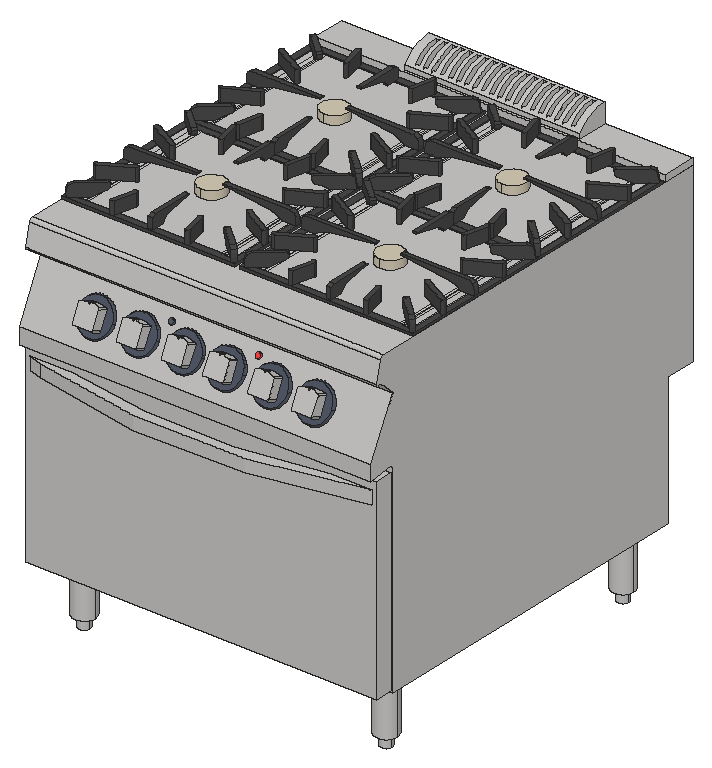
Revit family "QF_ZANUSSI_392010_Z9GCGH4SE0", category Specialty Equipment, Revit 2018 (continued)
Automatic sketch dimensions
  Extrusion 29 sketch curve to plane 17 = 2.972 mm
  plane 9 to Extrusion 29 sketch curve = 6.461 mm
  plane 18 to Extrusion 29 sketch curve = 36.025 mm
  plane 9 to Extrusion 29 sketch curve = 5 mm
  plane 7 "Center Y" to Blend 31 sketch curve = 47.5 mm  (x2)
  plane 7 "Center Y" to Extrusion 32 sketch curve = 24.5 mm
  Extrusion 32 sketch curve to Extrusion 32 sketch curve = 2.997 mm  (x3)
  Extrusion 32 sketch curve to Extrusion 32 sketch curve = 20.003 mm  (x2)
  Extrusion 32 sketch curve to Extrusion 32 sketch curve = 40.005 mm
  Extrusion 32 sketch curve to Extrusion 32 sketch curve = 5.399 mm
  Extrusion 32 sketch curve to Extrusion 32 sketch curve = 40.037 mm
  Extrusion 32 sketch curve to Extrusion 32 sketch curve = 0 mm  (x2)
  Extrusion 33 sketch curve to plane 18 = 5.671 mm
  Extrusion 33 sketch curve to plane 12 = 113.016 mm
  Extrusion 33 sketch curve to Extrusion 33 sketch curve = 3 mm
  Extrusion 33 sketch curve to Extrusion 33 sketch curve = 0 mm
  Extrusion 33 sketch curve to Extrusion 33 sketch curve = 1 mm  (x2)
  Extrusion 33 sketch curve to Extrusion 33 sketch curve = 15 mm
  Extrusion 34 sketch curve to plane 7 "Center Y" = 30 mm
  Extrusion 34 sketch curve to Extrusion 34 sketch curve = 35 mm  (x2)
  Extrusion 35 sketch curve to plane 7 "Center Y" = 24.5 mm
  Extrusion 35 sketch curve to Extrusion 35 sketch curve = 2.997 mm  (x3)
  Extrusion 35 sketch curve to Extrusion 35 sketch curve = 20.003 mm  (x2)
  Extrusion 35 sketch curve to Extrusion 35 sketch curve = 40.005 mm
  Extrusion 35 sketch curve to Extrusion 35 sketch curve = 0 mm  (x2)
  Extrusion 35 sketch curve to Extrusion 35 sketch curve = 40.037 mm
  Extrusion 35 sketch curve to Extrusion 35 sketch curve = 5.399 mm
  Blend 36 sketch curve to plane 7 "Center Y" = 47.5 mm  (x2)
  Split face 47 sketch curve to Split face 47 sketch curve = 6 mm
  Split face 47 sketch curve to Split face 47 sketch curve = 2 mm
  Extrusion 37 sketch curve to plane 18 = 5.671 mm
  Extrusion 37 sketch curve to plane 12 = 113.016 mm
  Extrusion 37 sketch curve to Extrusion 37 sketch curve = 3 mm
  Extrusion 37 sketch curve to Extrusion 37 sketch curve = 0 mm
  Extrusion 37 sketch curve to Extrusion 37 sketch curve = 1 mm  (x2)
  Extrusion 37 sketch curve to Extrusion 37 sketch curve = 15 mm
  plane 7 "Center Y" to Extrusion 38 sketch curve = 65 mm
  plane 7 "Center Y" to Extrusion 38 sketch curve = 30 mm
  Extrusion 38 sketch curve to Extrusion 38 sketch curve = 35 mm
  Split face 48 sketch curve to Split face 48 sketch curve = 6 mm
  Split face 48 sketch curve to Split face 48 sketch curve = 2 mm
  Split face 49 sketch curve to Split face 49 sketch curve = 6 mm
  Split face 49 sketch curve to Split face 49 sketch curve = 2 mm
  Extrusion 39 sketch curve to plane 19 = 47.05 mm
  Extrusion 40 sketch curve to plane 7 "Center Y" = 92.55 mm
  Extrusion 3 sketch curve to plane 1 "BACK" = 0 mm
  Extrusion 3 sketch curve to plane 6 "TOP" = 0 mm
  plane 1 "BACK" to Extrusion 3 sketch curve = 1.769 mm
  plane 11 to Extrusion 3 sketch curve = 11.113 mm
  Extrusion 3 sketch curve to plane 6 "TOP" = 34.187 mm
  Extrusion 3 sketch curve to Extrusion 3 sketch curve = 9.525 mm
  plane 5 "FRONT" to Extrusion 4 sketch curve = 0 mm  (x2)
  plane 1 "BACK" to Extrusion 4 sketch curve = 0 mm
  Extrusion 4 sketch curve to plane 3 "LEFT" = 0 mm
  Extrusion 4 sketch curve to plane 4 "RIGHT" = 0 mm
  Extrusion 4 sketch curve to plane 3 "LEFT" = 100.013 mm
  Extrusion 4 sketch curve to Extrusion 4 sketch curve = 100.013 mm
  Extrusion 4 sketch curve to plane 1 "BACK" = 100.013 mm
  Extrusion 30 sketch curve to Extrusion 30 sketch curve = 0 mm  (x6)
  Extrusion 30 sketch curve to plane 18 = 0 mm  (x2)
  plane 4 "RIGHT" to Extrusion 30 sketch curve = 10.1 mm
  Extrusion 30 sketch curve to plane 14 = 47.705 mm
  Extrusion 30 sketch curve to plane 7 "Center Y" = 0.05 mm
  Extrusion 30 sketch curve to plane 1 "BACK" = 337.5 mm
  Extrusion 30 sketch curve to plane 5 "FRONT" = 4.65 mm
  curve 181 to curve 182 = 0 mm
  curve 181 to curve 183 = 0 mm  (x2)
  curve 181 to curve 184 = 0 mm  (x2)
  curve 182 to curve 183 = 0 mm
  plane 5 "FRONT" to curve 1 = 0 mm
  curve 10 to plane 3 "LEFT" = 0 mm
  plane 1 "BACK" to curve 93 = 0 mm
  curve 157 to plane 4 "RIGHT" = 0 mm
  curve 8 to plane 17 = 0 mm
  plane 5 "FRONT" to curve 8 = 0 mm
  plane 5 "FRONT" to curve 6 = 0 mm
  curve 2 to plane 3 "LEFT" = 100.013 mm
  curve 94 to plane 13 = 71 mm
  curve 95 to curve 95 = 0.809 mm
  curve 98 to curve 98 = 1.583 mm
  curve 95 to curve 96 = 1.846 mm
  curve 95 to curve 109 = 2.189 mm
  curve 94 to curve 97 = 11.892 mm
  curve 98 to curve 101 = 20.417 mm
  curve 109 to curve 99 = 19.134 mm
  curve 99 to curve 108 = 1.738 mm
  curve 100 to curve 102 = 2 mm
  curve 97 to curve 106 = 22.215 mm
  curve 101 to curve 109 = 19.003 mm
  curve 105 to curve 105 = 0.343 mm
  curve 105 to curve 107 = 1.071 mm
  curve 105 to curve 104 = 2.189 mm
  curve 104 to curve 103 = 0.809 mm
  plane 11 to curve 93 = 11.113 mm
  curve 93 to plane 13 = 144 mm
  curve 11 to curve 15 = 20.698 mm
  curve 103 to curve 110 = 54 mm
  curve 111 to curve 111 = 0.809 mm
  curve 114 to curve 114 = 1.583 mm
  curve 182 to curve 112 = 2.654 mm
  curve 12 to curve 13 = 9.296 mm
  curve 111 to curve 125 = 2.189 mm
  curve 110 to curve 113 = 11.892 mm
  curve 13 to curve 16 = 9.397 mm
  curve 16 to curve 17 = 9.296 mm
  curve 114 to curve 117 = 20.417 mm
  curve 125 to curve 115 = 19.134 mm
  curve 115 to curve 124 = 1.738 mm
  curve 116 to curve 117 = 2 mm
  curve 17 to curve 20 = 9.397 mm
  curve 113 to curve 122 = 22.215 mm
  curve 20 to curve 21 = 9.296 mm
  curve 117 to curve 125 = 19.003 mm
  curve 121 to curve 121 = 0.343 mm
  curve 121 to curve 123 = 1.071 mm
  curve 121 to curve 120 = 2.189 mm
  curve 120 to curve 119 = 0.809 mm
  curve 22 to curve 27 = 9.397 mm
  curve 24 to curve 26 = 9.296 mm
  curve 25 to curve 28 = 9.397 mm
  curve 28 to curve 30 = 9.296 mm
  curve 30 to curve 32 = 9.397 mm
  curve 32 to curve 34 = 9.296 mm
  curve 119 to curve 185 = 56.55 mm
  curve 186 to curve 186 = 0.809 mm
  curve 189 to curve 189 = 1.583 mm
  curve 186 to curve 187 = 1.846 mm
  curve 186 to curve 200 = 2.189 mm
  curve 34 to curve 36 = 9.397 mm
  curve 185 to curve 188 = 11.892 mm
  curve 36 to curve 37 = 9.296 mm
  curve 189 to curve 192 = 20.417 mm
  curve 190 to plane 7 "Center Y" = 48.369 mm
  curve 190 to curve 199 = 1.738 mm
  curve 191 to curve 192 = 2 mm
  curve 38 to curve 40 = 9.397 mm
  curve 188 to curve 197 = 22.215 mm
  curve 40 to curve 43 = 9.296 mm
  curve 192 to curve 200 = 19.003 mm
  curve 200 to curve 196 = 0.343 mm
  curve 196 to curve 198 = 1.071 mm
  curve 200 to curve 195 = 2.189 mm
  curve 41 to curve 44 = 9.397 mm
  curve 195 to curve 194 = 0.809 mm
  curve 44 to curve 46 = 9.296 mm
  curve 45 to curve 48 = 9.397 mm
  curve 51 to plane 7 "Center Y" = 1.823 mm
  curve 183 to plane 7 "Center Y" = 0.05 mm
  plane 7 "Center Y" to curve 52 = 7.574 mm
  curve 52 to curve 54 = 8.858 mm
  plane 7 "Center Y" to curve 126 = 24.5 mm
  curve 126 to curve 127 = 0.809 mm
  curve 54 to curve 56 = 9.397 mm
  curve 130 to curve 130 = 1.583 mm
  curve 127 to curve 128 = 1.846 mm
  curve 127 to curve 141 = 2.189 mm
  curve 56 to curve 59 = 9.296 mm
  plane 7 "Center Y" to curve 129 = 36.392 mm
  curve 57 to curve 61 = 9.397 mm
  curve 130 to curve 132 = 20.417 mm
  plane 7 "Center Y" to curve 131 = 46.631 mm
  curve 131 to curve 140 = 1.738 mm
  curve 132 to curve 134 = 2 mm
  curve 60 to curve 61 = 9.296 mm
  curve 129 to curve 138 = 22.215 mm
  curve 62 to curve 67 = 9.397 mm
  curve 133 to curve 141 = 19.003 mm
  curve 141 to curve 137 = 0.343 mm
  curve 137 to curve 139 = 1.071 mm
  curve 141 to curve 136 = 2.189 mm
  curve 136 to curve 135 = 0.809 mm
  curve 64 to curve 66 = 9.296 mm
  curve 66 to curve 71 = 9.397 mm
  curve 68 to curve 71 = 9.296 mm
  curve 70 to curve 75 = 9.397 mm
  curve 72 to curve 73 = 9.296 mm
  curve 73 to curve 76 = 9.397 mm
  curve 158 to plane 19 = 25 mm
  curve 158 to curve 159 = 0.809 mm
  curve 76 to curve 77 = 9.296 mm
  curve 162 to curve 162 = 1.583 mm
  curve 159 to curve 160 = 1.846 mm
  curve 159 to curve 173 = 2.189 mm
  curve 78 to curve 83 = 9.397 mm
  curve 161 to plane 19 = 13.108 mm
  curve 82 to plane 19 = 4.77 mm
  curve 165 to plane 19 = 3 mm
  curve 163 to plane 19 = 2.869 mm
  curve 172 to plane 19 = 1.131 mm
  curve 166 to plane 19 = 1 mm
  plane 19 to curve 84 = 4.627 mm
  plane 19 to curve 170 = 9.108 mm
  curve 84 to curve 87 = 9.296 mm
  plane 19 to curve 173 = 18.003 mm
  curve 169 to curve 169 = 0.343 mm
  curve 169 to curve 171 = 1.071 mm
  curve 169 to curve 168 = 2.189 mm
  curve 168 to curve 167 = 0.809 mm
  curve 86 to curve 88 = 9.397 mm
  curve 88 to curve 90 = 9.296 mm
  curve 90 to curve 92 = 15.284 mm
  curve 167 to curve 142 = 53.897 mm
  curve 143 to curve 143 = 0.809 mm
  curve 146 to curve 146 = 1.583 mm
  curve 143 to curve 144 = 1.846 mm
  curve 143 to curve 156 = 2.189 mm
  curve 142 to curve 145 = 11.892 mm
  curve 146 to curve 149 = 20.417 mm
  curve 156 to curve 147 = 19.134 mm
  curve 147 to curve 155 = 1.738 mm
  curve 148 to curve 150 = 2 mm
  curve 149 to curve 156 = 19.003 mm
  curve 153 to curve 153 = 0.343 mm
  curve 153 to curve 154 = 1.071 mm
  curve 153 to curve 152 = 2.189 mm
  curve 152 to curve 151 = 0.809 mm
  curve 2 to plane 4 "RIGHT" = 100.013 mm
  plane 17 to curve 155 = 293.481 mm
  plane 17 to curve 190 = 293.481 mm
  curve 124 to curve 190 = 0 mm
  curve 99 to curve 108 = 0 mm
  curve 163 to curve 155 = 0 mm
  curve 140 to curve 163 = 0 mm
  curve 190 to curve 199 = 0 mm
  curve 163 to curve 172 = 0 mm
  curve 147 to curve 155 = 0 mm
  curve 115 to curve 124 = 0 mm
  curve 131 to curve 140 = 0 mm
  curve 172 to curve 173 = 86.839 mm
  curve 108 to curve 109 = 86.839 mm
  curve 155 to curve 156 = 86.839 mm
  curve 190 to curve 200 = 86.839 mm
  curve 105 to curve 125 = 0 mm
  curve 141 to curve 160 = 0 mm
  curve 105 to curve 104 = 1.333 mm
  curve 141 to curve 135 = 1.333 mm
  curve 144 to curve 143 = 1.333 mm
  curve 160 to curve 159 = 1.333 mm
  curve 169 to curve 167 = 1.333 mm
  curve 200 to curve 195 = 1.333 mm
  curve 141 to curve 127 = 1.333 mm
  curve 96 to curve 94 = 1.333 mm
  curve 125 to curve 110 = 1.333 mm
  curve 153 to curve 151 = 1.333 mm
  curve 121 to curve 119 = 1.333 mm
  curve 200 to curve 186 = 1.333 mm
  curve 143 to curve 144 = 2.779 mm
  curve 95 to curve 96 = 2.779 mm
  curve 120 to curve 121 = 2.779 mm
  curve 168 to curve 169 = 2.779 mm
  curve 111 to curve 112 = 2.779 mm
  curve 195 to curve 196 = 2.779 mm
  curve 136 to curve 137 = 2.779 mm
  curve 127 to curve 128 = 2.779 mm
  curve 104 to curve 105 = 2.779 mm
  curve 186 to curve 187 = 2.779 mm
  curve 159 to curve 160 = 2.779 mm
  curve 152 to curve 153 = 2.779 mm
  curve 153 to curve 154 = 14.462 mm
  curve 137 to curve 139 = 14.462 mm
  curve 128 to curve 130 = 14.462 mm
  curve 169 to curve 171 = 14.462 mm
  curve 196 to curve 198 = 14.462 mm
  curve 121 to curve 123 = 14.462 mm
  curve 144 to curve 146 = 14.462 mm
  curve 112 to curve 114 = 14.462 mm
  curve 96 to curve 98 = 14.462 mm
  curve 160 to curve 162 = 14.462 mm
  curve 187 to curve 189 = 14.462 mm
  curve 105 to curve 107 = 14.462 mm
  curve 139 to curve 134 = 1.435 mm
  curve 123 to curve 118 = 1.435 mm
  curve 107 to curve 101 = 1.435 mm
  curve 189 to curve 191 = 1.435 mm
  curve 154 to curve 150 = 1.435 mm
  curve 183 to curve 166 = 20.009 mm
  curve 191 to curve 188 = 41.91 mm
  curve 100 to curve 97 = 41.91 mm
  curve 117 to curve 122 = 41.91 mm
  curve 97 to curve 106 = 0 mm
  curve 148 to curve 145 = 41.91 mm
  curve 133 to curve 138 = 41.91 mm
  curve 129 to curve 138 = 0 mm
  curve 165 to curve 170 = 41.91 mm
  curve 188 to curve 197 = 0 mm
  curve 113 to curve 122 = 0 mm
  curve 161 to curve 170 = 0 mm
  plane 11 to curve 38 = 17.052 mm
  plane 11 to curve 26 = 17.052 mm
  curve 26 to curve 28 = 0 mm
  curve 38 to curve 40 = 0 mm
  curve 30 to curve 32 = 0 mm
  curve 42 to curve 44 = 0 mm
  plane 11 to curve 20 = 17.052 mm
  plane 11 to curve 19 = 17.052 mm
  curve 46 to curve 48 = 0 mm
  curve 11 to curve 91 = 5.939 mm
  curve 50 to curve 52 = 0 mm
  plane 11 to curve 87 = 17.052 mm
  curve 54 to curve 56 = 0 mm
  plane 11 to curve 83 = 17.052 mm
  curve 58 to curve 60 = 0 mm
  plane 11 to curve 15 = 17.052 mm
  curve 62 to curve 64 = 0 mm
  plane 11 to curve 79 = 17.052 mm
  curve 66 to curve 68 = 0 mm
  curve 70 to curve 75 = 0 mm
  plane 1 "BACK" to curve 73 = 6.761 mm
  plane 1 "BACK" to curve 12 = 6.761 mm
  plane 1 "BACK" to curve 70 = 6.761 mm
  plane 1 "BACK" to curve 76 = 6.761 mm
  plane 1 "BACK" to curve 66 = 6.761 mm
  plane 1 "BACK" to curve 80 = 6.761 mm
  plane 1 "BACK" to curve 16 = 6.761 mm
  plane 1 "BACK" to curve 62 = 6.761 mm
  plane 1 "BACK" to curve 84 = 6.761 mm
  plane 1 "BACK" to curve 58 = 6.761 mm
  plane 1 "BACK" to curve 88 = 6.761 mm
  plane 1 "BACK" to curve 24 = 6.761 mm
  plane 1 "BACK" to curve 54 = 6.761 mm
  plane 1 "BACK" to curve 36 = 6.761 mm
  plane 1 "BACK" to curve 50 = 6.761 mm
  plane 1 "BACK" to curve 34 = 6.761 mm
  plane 1 "BACK" to curve 46 = 6.761 mm
  plane 1 "BACK" to curve 28 = 6.761 mm
  plane 1 "BACK" to curve 20 = 6.761 mm
  plane 1 "BACK" to curve 42 = 6.761 mm
  curve 3 to plane 1 "BACK" = 100.013 mm
  curve 181 to plane 1 "BACK" = 337.5 mm
  curve 181 to plane 13 = 5.252 mm
  curve 97 to curve 94 = 9.809 mm
  curve 99 to curve 98 = 0.284 mm
  curve 107 to curve 108 = 0.284 mm
  curve 103 to curve 106 = 9.809 mm
  curve 113 to curve 110 = 9.809 mm
  curve 115 to curve 114 = 0.284 mm
  curve 112 to curve 183 = 16.272 mm
  curve 123 to curve 124 = 0.284 mm
  curve 119 to curve 122 = 9.809 mm
  curve 188 to curve 185 = 9.809 mm
  curve 189 to curve 189 = 0.284 mm
  curve 198 to curve 199 = 0.284 mm
  curve 194 to curve 197 = 9.809 mm
  curve 129 to curve 126 = 9.809 mm
  curve 130 to curve 130 = 0.284 mm
  curve 139 to curve 139 = 0.284 mm
  curve 135 to curve 138 = 9.809 mm
  curve 161 to curve 158 = 9.809 mm
  curve 162 to curve 162 = 0.284 mm
  curve 171 to curve 171 = 0.284 mm
  curve 167 to curve 170 = 9.809 mm
  curve 145 to curve 142 = 9.809 mm
  curve 146 to curve 146 = 0.284 mm
  curve 154 to curve 154 = 0.284 mm
  curve 110 to curve 182 = 1.161 mm
  curve 167 to curve 184 = 1.175 mm
  curve 187 to curve 176 = 6.567 mm
  curve 196 to curve 177 = 6.567 mm
  curve 112 to curve 175 = 6.567 mm
  curve 96 to curve 174 = 6.567 mm
  curve 137 to curve 178 = 6.567 mm
  curve 169 to curve 179 = 6.567 mm
  curve 162 to curve 162 = 0.567 mm
  curve 139 to curve 139 = 0.567 mm
  curve 114 to curve 114 = 0.567 mm
  curve 107 to curve 107 = 0.567 mm
  curve 130 to curve 130 = 0.567 mm
  curve 146 to curve 146 = 0.567 mm
  curve 198 to curve 198 = 0.567 mm
  curve 98 to curve 98 = 0.567 mm
  curve 189 to curve 189 = 0.567 mm
  curve 154 to curve 154 = 0.567 mm
  curve 123 to curve 123 = 0.567 mm
  curve 171 to curve 171 = 0.567 mm
  curve 190 to curve 188 = 1.156 mm
  curve 3 to plane 5 "FRONT" = 0.396 mm
  plane 11 to curve 7 = 4.762 mm
  radius of Extrusion 10 sketch curve = 6.4 mm
  radius of Extrusion 11 sketch curve = 12.7 mm
  radius of Blend 13 sketch curve = 42.5 mm
  radius of Blend 13 sketch curve = 40.5 mm
  radius of Split face 1 sketch curve = 3 mm
  radius of Split face 4 sketch curve = 1.5 mm
  radius of Split face 5 sketch curve = 3.497 mm
  radius of Split face 8 sketch curve = 2.029 mm
  radius of Blend 17 sketch curve = 42.5 mm
  radius of Blend 17 sketch curve = 40.5 mm
  radius of Split face 13 sketch curve = 2.029 mm
  radius of Split face 14 sketch curve = 3 mm
  radius of Split face 15 sketch curve = 1.5 mm
  radius of Split face 16 sketch curve = 3.497 mm
  radius of Blend 21 sketch curve = 42.5 mm
  radius of Blend 21 sketch curve = 40.5 mm
  radius of Split face 17 sketch curve = 3 mm
  radius of Split face 20 sketch curve = 1.5 mm
  radius of Split face 21 sketch curve = 3.497 mm
  radius of Split face 24 sketch curve = 2.029 mm
  radius of Blend 25 sketch curve = 42.5 mm
  radius of Blend 25 sketch curve = 40.5 mm
  radius of Split face 29 sketch curve = 2.029 mm
  radius of Split face 30 sketch curve = 3 mm
  radius of Split face 31 sketch curve = 1.5 mm
  radius of Split face 32 sketch curve = 3.497 mm
  radius of Blend 31 sketch curve = 42.5 mm
  radius of Blend 31 sketch curve = 40.5 mm
  radius of Split face 33 sketch curve = 1 mm
  radius of Split face 34 sketch curve = 1 mm
  radius of Split face 35 sketch curve = 1 mm
  radius of Split face 36 sketch curve = 1 mm
  radius of Split face 37 sketch curve = 1 mm
  radius of Split face 38 sketch curve = 1 mm
  radius of Split face 39 sketch curve = 1 mm
  radius of Split face 40 sketch curve = 1 mm
  radius of Split face 41 sketch curve = 1 mm
  radius of Split face 42 sketch curve = 1 mm
  radius of Split face 43 sketch curve = 1 mm
  radius of Split face 44 sketch curve = 1 mm
  radius of Split face 45 sketch curve = 1 mm
  radius of Split face 46 sketch curve = 1 mm
  radius of Blend 36 sketch curve = 42.5 mm
  radius of Blend 36 sketch curve = 40.5 mm
  radius of Split face 50 sketch curve = 1.714 mm
  radius of Extrusion 39 sketch curve = 6 mm
  radius of Extrusion 40 sketch curve = 6 mm
  radius of Extrusion 9 sketch curve = 12.7 mm
Nested families
  nested 1: "QF_392010_BURNER" at (393.7, -440.488, 0) x (-1, 0, 0) z (0, 0, 1), type "QF_392010_BURNER"
    with Type Mark "", Status "", Specification by User "", Revision Code "", Item Number "", Installed By "", Identify Quantity as Lot yes, Furnished By "", Foodservice Equipment Identifier yes
  nested 2: "QF_392010_BURNER" at (393.7, -440.488, 0) x (-1, 0, 0) z (0, 0, 1), type "QF_392010_BURNER"
    with Type Mark "", Status "", Specification by User "", Revision Code "", Item Number "", Installed By "", Identify Quantity as Lot yes, Furnished By "", Foodservice Equipment Identifier yes
  nested 3: "QF_392010_BURNER" at (406.4, -440.488, 0), type "QF_392010_BURNER"
    with Type Mark "", Status "", Specification by User "", Revision Code "", Item Number "", Installed By "", Identify Quantity as Lot yes, Furnished By "", Foodservice Equipment Identifier yes
  nested 4: "QF_392010_BURNER" at (406.4, -440.488, 0), type "QF_392010_BURNER"
    with Type Mark "", Status "", Specification by User "", Revision Code "", Item Number "", Installed By "", Identify Quantity as Lot yes, Furnished By "", Foodservice Equipment Identifier yes
Connectors
  piping at (749.1, -665, 129), diameter 12.8
    settings: on Extrusion 10, index 1, connector inside diameter 0.50394", connector length 0 mm, flow factor 0, pipe flow 0 GPM, pressure drop 0.00 psi, fitting loss kfactor 0, connector angle 0.00°, fixture units 0, engagement length 0 mm, angle of deflection 0.00°, flow configuration 1, flow direction 1, fitting loss method 0, system type 7, joint type 0, gender type 0, connector reference index -1, connector utility 0, adjustable connector no, is connector primary yes, connector description "GAS CONNECTION"
  electrical at (757.1, -760, 146), driven by "Volts", driven by "Watts"
    settings: on Extrusion 9, index 2, voltage 380 V, apparent load 0 VA, apparent load phase1 0 VA, apparent load phase2 0 VA, apparent load phase3 0 VA, power factor 1, load classification "Other", number of poles 1, system type 30, power factor state 1, is connector primary yes, connector utility no, sub classification motor no, connector description "ELECTRICAL CONNECTION"
Definition of nested family "QF_392010_BURNER"
  Parameters
    Weight in Pounds = 0
    URL Cutsheet = ""
    URL = "www.electrolux.com"
    Type Mark [instance] = ""
    Status [instance] = ""
    Specification by User [instance] = ""
    Specification by Manufacturer = ""
    Show Clearance [instance] = yes
    Serial Number = ""
    Seismic Rating = ""
    SMACNA No = ""
    Revision Code [instance] = ""
    Omniclass Number and Title = ""
    NAFEM Spec ID Number = ""
    Model = "371009"
    Masterspec = ""
    Manufacturer = "ELECTROLUX"
    Item Number [instance] = ""
    Installed By [instance] = ""
    Identify Quantity as Lot [instance] = yes
    Furnished By [instance] = ""
    Foodservice Equipment Identifier [instance] = yes
    Description = ""
    CSI MasterFormat = ""
    CSI Master Format = ""
  Reference planes
    plane 1 "BACK": y = 0
    plane 2: z = 0
    plane 3 "LEFT": x = 0
    plane 4 "RIGHT": x = 393.7
    plane 5 "FRONT": y = -355.6
    plane 6 "TOP": z = 908.85
    plane 7 "Center Y": x = 196.85
    plane 8 "Center X": y = -177.8
    plane 9 "Base": z = 150
    plane 10: z = 850.85
  Forms (mm)
    Extrusion 1, solid
      sketch origin (-6.433, -404.961, 5) x (1, 0, 0) y (0, 0, -1)
        loop
          arc (7.142, -850.85) -> (6.739, -862.989) -> (9.761, -874.752) r 42.809
          line (9.761, -874.752) -> (19.961, -879.425) -> (173.122, -879.425)
          arc (173.122, -879.425) -> (174.316, -878.312) -> (173.289, -877.043) r 1.197
          line (173.289, -877.043) -> (64.848, -864.021)
          arc (64.848, -864.021) -> (50.111, -858.738) -> (36.589, -850.85) r 85.245
          line (36.589, -850.85) -> (7.142, -850.85)
        loop
          line (399.424, -850.85) -> (369.977, -850.85)
          arc (369.977, -850.85) -> (356.455, -858.738) -> (341.718, -864.021) r 85.245
          line (341.718, -864.021) -> (233.277, -877.043)
          arc (233.277, -877.043) -> (232.25, -878.312) -> (233.444, -879.425) r 1.197
          line (233.444, -879.425) -> (386.605, -879.425) -> (396.806, -874.752)
          arc (396.806, -874.752) -> (399.827, -862.989) -> (399.424, -850.85) r 42.809
      from 224.564 to 234.564
    Extrusion 2, solid
      sketch origin (196.85, 175.397, 1219.2) x (0, 1, 0) y (0, 0, 1)
        loop
          line (-204.463, -363.35) -> (-175.397, -363.35) -> (-175.397, -339.506)
          arc (-175.397, -339.506) -> (-181.025, -338.266) -> (-185.611, -334.775) r 13.39
          line (-185.611, -334.775) -> (-278.903, -334.775)
          arc (-278.903, -334.775) -> (-280.097, -335.888) -> (-279.07, -337.157) r 1.197
          line (-279.07, -337.157) -> (-227.151, -347.464)
          arc (-227.151, -347.464) -> (-213.741, -352.457) -> (-204.463, -363.35) r 28.426
        loop
          arc (-496.332, -363.35) -> (-487.053, -352.457) -> (-473.644, -347.464) r 28.426
          line (-473.644, -347.464) -> (-421.725, -337.157)
          arc (-421.725, -337.157) -> (-420.697, -335.888) -> (-421.891, -334.775) r 1.197
          line (-421.891, -334.775) -> (-515.184, -334.775)
          arc (-515.184, -334.775) -> (-519.769, -338.266) -> (-525.397, -339.506) r 13.39
          line (-525.397, -339.506) -> (-525.397, -363.35) -> (-496.332, -363.35)
      from -5 to 5
    Extrusion 3, solid
      sketch origin (-6.433, 367.064, 850.85) x (0, -1, 0) y (1, 0, 0)
        loop
          line (722.664, 6.433) -> (722.664, 400.133) -> (367.064, 400.133) -> (367.064, 6.433) -> (722.664, 6.433)
        loop
          line (382.064, 21.433) -> (707.664, 21.433) -> (707.664, 385.133) -> (382.064, 385.133) -> (382.064, 21.433)
      from 0 to 5
    Extrusion 4, solid
      sketch origin (-18.933, 367.064, 855.85) x (0, -1, 0) y (1, 0, 0)
        loop
          circle (541.667, 215.783) r 30
      from -1.321 to 17.134
    Extrusion 5, solid
      sketch origin (-6.433, -367.064, 0) x (1, 0, 0) y (0, 0, -1)
        loop
          line (21.433, -855.85) -> (36.589, -855.85)
          arc (36.589, -855.85) -> (40.561, -855.243) -> (44.305, -853.783) r 18.259
          arc (44.305, -853.783) -> (45.997, -853.366) -> (47.69, -853.783) r 3.649
          arc (47.69, -853.783) -> (49.901, -854.522) -> (52.232, -854.529) r 7.328
          line (52.232, -854.529) -> (354.334, -854.529)
          arc (354.334, -854.529) -> (356.666, -854.522) -> (358.877, -853.783) r 7.328
          arc (358.877, -853.783) -> (360.569, -853.366) -> (362.261, -853.783) r 3.649
          arc (362.261, -853.783) -> (366.005, -855.243) -> (369.977, -855.85) r 18.259
          line (369.977, -855.85) -> (385.133, -855.85) -> (385.133, -850.85) -> (21.433, -850.85) -> (21.433, -855.85)
      from 26.464 to 352.064
    Extrusion 6, solid
      sketch origin (83.284, -458.334, 5) x (0.742103, 0.670286, 0) y (0, 0, -1)
        loop
          arc (88.629, -864.012) -> (73.909, -858.731) -> (60.402, -850.85) r 85.245
          line (60.402, -850.85) -> (14.993, -850.85)
          arc (14.993, -850.85) -> (14.642, -862.948) -> (17.686, -874.663) r 42.876
          line (17.686, -874.663) -> (27.899, -879.425) -> (89.664, -879.425)
          arc (89.664, -879.425) -> (92.39, -878.352) -> (93.654, -875.709) r 4
          arc (93.654, -875.709) -> (92.562, -869.25) -> (88.629, -864.012) r 13.87
        loop
          arc (457.638, -864.012) -> (453.704, -869.25) -> (452.613, -875.709) r 13.87
          arc (452.613, -875.709) -> (453.876, -878.352) -> (456.603, -879.425) r 4
          line (456.603, -879.425) -> (518.367, -879.425) -> (528.581, -874.663)
          arc (528.581, -874.663) -> (531.624, -862.948) -> (531.273, -850.85) r 42.876
          line (531.273, -850.85) -> (485.865, -850.85)
          arc (485.865, -850.85) -> (472.357, -858.731) -> (457.638, -864.012) r 85.245
      from 127.064 to 137.064
    Extrusion 7, solid
      sketch origin (310.416, -458.334, 5) x (-0.742103, 0.670286, 0) y (0, 0, 1)
        loop
          arc (88.629, 864.012) -> (92.562, 869.25) -> (93.654, 875.709) r 13.87
          arc (93.654, 875.709) -> (92.39, 878.352) -> (89.664, 879.425) r 4
          line (89.664, 879.425) -> (27.899, 879.425) -> (17.686, 874.663)
          arc (17.686, 874.663) -> (14.642, 862.948) -> (14.993, 850.85) r 42.876
          line (14.993, 850.85) -> (60.402, 850.85)
          arc (60.402, 850.85) -> (73.909, 858.731) -> (88.629, 864.012) r 85.245
        loop
          arc (457.638, 864.012) -> (472.357, 858.731) -> (485.865, 850.85) r 85.245
          line (485.865, 850.85) -> (531.273, 850.85)
          arc (531.273, 850.85) -> (531.624, 862.948) -> (528.581, 874.663) r 42.876
          line (528.581, 874.663) -> (518.367, 879.425) -> (456.603, 879.425)
          arc (456.603, 879.425) -> (453.876, 878.352) -> (452.613, 875.709) r 4
          arc (452.613, 875.709) -> (453.704, 869.25) -> (457.638, 864.012) r 13.87
      from 127.064 to 137.064
    Extrusion 8, solid
      sketch origin (-6.433, 367.064, 855.85) x (0, -1, 0) y (1, 0, 0)
        loop
          arc (626.166, 9.428) -> (632.956, 7.454) -> (634.93, 14.244) r 5
          line (634.93, 14.244) -> (600.514, 76.878)
          arc (600.514, 76.878) -> (593.724, 78.852) -> (591.75, 72.062) r 5
          line (591.75, 72.062) -> (626.166, 9.428)
        loop
          line (463.562, 9.428) -> (497.977, 72.062)
          arc (497.977, 72.062) -> (496.003, 78.852) -> (489.213, 76.878) r 5
          line (489.213, 76.878) -> (454.798, 14.244)
          arc (454.798, 14.244) -> (456.772, 7.454) -> (463.562, 9.428) r 5
        loop
          line (626.166, 397.138) -> (591.75, 334.504)
          arc (591.75, 334.504) -> (593.724, 327.714) -> (600.514, 329.689) r 5
          line (600.514, 329.689) -> (634.93, 392.323)
          arc (634.93, 392.323) -> (632.956, 399.113) -> (626.166, 397.138) r 5
        loop
          arc (463.562, 397.138) -> (456.772, 399.113) -> (454.798, 392.323) r 5
          line (454.798, 392.323) -> (489.213, 329.689)
          arc (489.213, 329.689) -> (496.003, 327.714) -> (497.977, 334.504) r 5
          line (497.977, 334.504) -> (463.562, 397.138)
        loop
          line (715.14, 293.499) -> (666.703, 282.317)
          arc (666.703, 282.317) -> (662.956, 276.32) -> (668.953, 272.573) r 5
          line (668.953, 272.573) -> (717.389, 283.756)
          arc (717.389, 283.756) -> (721.136, 289.752) -> (715.14, 293.499) r 5
        loop
          arc (715.14, 113.067) -> (721.136, 116.814) -> (717.389, 122.811) r 5
          line (717.389, 122.811) -> (668.953, 133.993)
          arc (668.953, 133.993) -> (662.956, 130.246) -> (666.703, 124.249) r 5
          line (666.703, 124.249) -> (715.14, 113.067)
        loop
          arc (374.588, 293.499) -> (368.591, 289.752) -> (372.338, 283.756) r 5
          line (372.338, 283.756) -> (420.775, 272.573)
          arc (420.775, 272.573) -> (426.771, 276.32) -> (423.024, 282.317) r 5
          line (423.024, 282.317) -> (374.588, 293.499)
        loop
          line (374.588, 113.067) -> (423.024, 124.249)
          arc (423.024, 124.249) -> (426.771, 130.246) -> (420.775, 133.993) r 5
          line (420.775, 133.993) -> (372.338, 122.811)
          arc (372.338, 122.811) -> (368.591, 116.814) -> (374.588, 113.067) r 5
      from 0 to 28.575
  Lines and regions (mm)
    symbolic lines
      curve 1: line (0, -355.6, 150) -> (393.7, -355.6, 150)
      curve 2: line (0, 0, 150) -> (0, -355.6, 150)
      curve 3: line (393.7, -355.6, 150) -> (393.7, 0, 150)
      curve 4: line (369.633, -15, 150) -> (285.34, -15, 150)
      curve 5: line (24.067, -340.6, 150) -> (108.36, -340.6, 150)
      curve 6: line (157.475, -170.397, 150) -> (157.475, -15, 150)
      curve 7: line (236.225, -170.397, 150) -> (236.225, -15, 150)
      curve 8: line (201.85, -350, 150) -> (201.85, -176.674, 150)
      curve 9: line (0, -180.397, 150) -> (167.224, -180.397, 150)
      curve 10: line (393.7, -170.397, 150) -> (228.275, -170.397, 150)
      curve 11: line (15, -180.397, 150) -> (15, -252.506, 150)
      curve 12: line (45.799, -340.6, 150) -> (45.799, -320.971, 150)
      curve 13: line (167.224, -170.397, 150) -> (0, -170.397, 150)
      curve 14: line (228.275, -180.504, 150) -> (393.7, -180.504, 150)
      curve 15: arc (228.275, -170.397, 150) -> (223.221, -175.45, 150) -> (228.275, -180.504, 150) r 5.054
      curve 16: arc (167.224, -170.397, 150) -> (172.224, -175.397, 150) -> (167.224, -180.397, 150) r 5
      curve 17: line (191.85, -176.674, 150) -> (191.85, -350, 150)
      curve 18: line (201.85, -134.556, 150) -> (201.85, -0.794, 150)
      curve 19: arc (201.85, -176.674, 150) -> (196.85, -171.674, 150) -> (191.85, -176.674, 150) r 5
      curve 20: arc (201.85, -134.556, 150) -> (196.85, -139.556, 150) -> (191.85, -134.556, 150) r 5
      curve 21: line (191.85, -15, 150) -> (118.623, -15, 150)
      curve 22: arc (201.85, -29.042, 150) -> (213.272, -50.008, 150) -> (201.85, -70.973, 150) r 24.953
      curve 23: arc (213.086, -53.048, 150) -> (214.5, -50.008, 150) -> (213.086, -46.967, 150) r 3.975
      curve 24: arc (191.85, -29.852, 150) -> (181.339, -50.008, 150) -> (191.85, -70.163, 150) r 24.58
      curve 25: arc (181.527, -53.042, 150) -> (179.976, -50.008, 150) -> (181.527, -46.973, 150) r 3.745
      curve 26: line (191.85, -0.794, 150) -> (191.85, -134.556, 150)
      curve 27: line (191.85, -350, 150) -> (201.85, -350, 150)
      curve 28: line (191.85, -11.007, 150) -> (201.85, -11.007, 150)
      curve 29: line (191.85, -0.794, 150) -> (201.85, -0.794, 150)
      curve 30: line (201.85, -340.6, 150) -> (275.077, -340.6, 150)
      curve 31: arc (196.85, -145.397, 0) -> (166.955, -172.888, 0) -> (191.85, -204.977, 0) r 30
      curve 32: arc (201.85, -204.977, 0) -> (226.745, -172.888, 0) -> (196.85, -145.397, 0) r 30
      curve 33: arc (158.678, -180.397, 0) -> (170.734, -200.207, 0) -> (191.85, -209.795, 0) r 39.375
      curve 34: line (163.825, -170.397, 150) -> (163.825, -15, 150)
      curve 35: line (229.875, -170.397, 150) -> (229.875, -15, 150)
      curve 36: line (144.775, -170.397, 150) -> (144.775, -15, 150)
      curve 37: line (248.925, -170.397, 150) -> (248.925, -15, 150)
      curve 38: arc (145.678, -180.397, 0) -> (161.728, -209.187, 0) -> (191.85, -222.573, 0) r 52.075
      curve 39: arc (201.85, -209.795, 0) -> (222.966, -200.207, 0) -> (235.022, -180.397, 0) r 39.375
      curve 40: arc (201.85, -222.573, 0) -> (231.931, -209.224, 0) -> (248.001, -180.504, 0) r 52.075
      curve 41: line (393.7, 0, 0) -> (0, 0, 0)
      curve 42: line (70.445, -122.149, 0) -> (7.81, -87.734, 0)
      curve 43: arc (7.81, -87.734, 0) -> (1.021, -89.708, 0) -> (2.995, -96.498, 0) r 5
      curve 44: line (2.995, -96.498, 0) -> (65.629, -130.914, 0)
      curve 45: arc (65.629, -130.914, 0) -> (72.419, -128.939, 0) -> (70.445, -122.149, 0) r 5
      curve 46: line (65.629, -224.686, 0) -> (2.995, -259.102, 0)
      curve 47: arc (2.995, -259.102, 0) -> (1.021, -265.892, 0) -> (7.81, -267.866, 0) r 5
      curve 48: line (7.81, -267.866, 0) -> (70.445, -233.451, 0)
      curve 49: arc (70.445, -233.451, 0) -> (72.419, -226.661, 0) -> (65.629, -224.686, 0) r 5
      curve 50: line (323.255, -122.149, 0) -> (385.89, -87.734, 0)
      curve 51: arc (385.89, -87.734, 0) -> (392.679, -89.708, 0) -> (390.705, -96.498, 0) r 5
      curve 52: line (390.705, -96.498, 0) -> (328.071, -130.914, 0)
      curve 53: arc (328.071, -130.914, 0) -> (321.281, -128.939, 0) -> (323.255, -122.149, 0) r 5
      curve 54: line (328.071, -224.686, 0) -> (390.705, -259.102, 0)
      curve 55: arc (390.705, -259.102, 0) -> (392.679, -265.892, 0) -> (385.89, -267.866, 0) r 5
      curve 56: line (385.89, -267.866, 0) -> (323.255, -233.451, 0)
      curve 57: arc (323.255, -233.451, 0) -> (321.281, -226.661, 0) -> (328.071, -224.686, 0) r 5
      curve 58: line (118.623, -340.6, 150) -> (191.85, -340.6, 150)
      curve 59: line (285.34, -340.6, 150) -> (369.633, -340.6, 150)
      curve 60: line (378.7, -335.314, 0) -> (378.7, -263.916, 0)
      curve 61: line (1.326, -7.935, 0) -> (58.752, -59.804, 0)
      curve 62: line (65.455, -52.383, 0) -> (8.029, -0.514, 0)
      curve 63: arc (58.752, -59.804, 0) -> (65.814, -59.445, 0) -> (65.455, -52.383, 0) r 5
      curve 64: line (1.326, -7.935, 0) -> (8.029, -0.514, 0)
      curve 65: line (392.374, -7.935, 0) -> (334.948, -59.804, 0)
      curve 66: line (328.245, -52.383, 0) -> (385.671, -0.514, 0)
      curve 67: arc (334.948, -59.804, 0) -> (327.886, -59.445, 0) -> (328.245, -52.383, 0) r 5
      curve 68: line (392.374, -7.935, 0) -> (385.671, -0.514, 0)
      curve 69: line (392.374, -347.665, 0) -> (334.948, -295.796, 0)
      curve 70: line (328.245, -303.217, 0) -> (385.671, -355.086, 0)
      curve 71: arc (334.948, -295.796, 0) -> (327.886, -296.155, 0) -> (328.245, -303.217, 0) r 5
      curve 72: line (392.374, -347.665, 0) -> (385.671, -355.086, 0)
      curve 73: line (1.326, -347.665, 0) -> (58.752, -295.796, 0)
      curve 74: line (65.455, -303.217, 0) -> (8.029, -355.086, 0)
      curve 75: arc (58.752, -295.796, 0) -> (65.814, -296.155, 0) -> (65.455, -303.217, 0) r 5
      curve 76: line (1.326, -347.665, 0) -> (8.029, -355.086, 0)
      curve 77: line (347.901, -15, 0) -> (347.901, -34.629, 0)
      curve 78: line (347.901, -320.971, 0) -> (347.901, -340.6, 0)
      curve 79: line (378.7, -252.506, 0) -> (378.7, -180.397, 0)
      curve 80: line (347.901, -246.993, 0) -> (347.901, -307.496, 0)
      curve 81: line (378.7, -170.397, 0) -> (378.7, -103.094, 0)
      curve 82: line (347.901, -180.397, 0) -> (347.901, -235.582, 0)
      curve 83: line (378.7, -91.684, 0) -> (378.7, -20.286, 0)
      curve 84: line (347.901, -120.018, 0) -> (347.901, -170.397, 0)
      curve 85: line (347.901, -48.104, 0) -> (347.901, -108.607, 0)
      curve 86: line (275.077, -15, 150) -> (201.85, -15, 150)
      curve 87: line (108.36, -15, 150) -> (24.067, -15, 150)
      curve 88: line (45.799, -40, 150) -> (45.799, -15, 150)
      curve 89: line (45.799, -108.607, 150) -> (45.799, -40, 150)
      curve 90: line (15, -20.286, 0) -> (15, -91.684, 0)
      curve 91: line (15, -103.094, 0) -> (15, -170.397, 0)
      curve 92: line (45.799, -170.397, 150) -> (45.799, -120.018, 150)
      curve 93: line (45.799, -235.582, 150) -> (45.799, -180.397, 150)
      curve 94: line (15, -263.916, 150) -> (15, -335.314, 150)
      curve 95: line (45.799, -307.496, 150) -> (45.799, -246.993, 150)
      curve 96: line (116.378, -350.325, 0) -> (127.56, -301.889, 0)
      curve 97: arc (127.56, -301.889, 0) -> (123.813, -295.892, 0) -> (117.816, -299.64, 0) r 5
      curve 98: line (117.816, -299.64, 0) -> (106.634, -348.076, 0)
      curve 99: arc (106.634, -348.076, 0) -> (110.381, -354.072, 0) -> (116.378, -350.325, 0) r 5
      curve 100: line (266.14, -301.889, 0) -> (277.322, -350.325, 0)
      curve 101: arc (277.322, -350.325, 0) -> (283.319, -354.072, 0) -> (287.066, -348.076, 0) r 5
      curve 102: line (287.066, -348.076, 0) -> (275.884, -299.64, 0)
      curve 103: arc (275.884, -299.64, 0) -> (269.887, -295.892, 0) -> (266.14, -301.889, 0) r 5
      curve 104: line (275.884, -55.96, 0) -> (287.066, -7.524, 0)
      curve 105: arc (287.066, -7.524, 0) -> (283.319, -1.528, 0) -> (277.322, -5.275, 0) r 5
      curve 106: line (277.322, -5.275, 0) -> (266.14, -53.711, 0)
      curve 107: arc (266.14, -53.711, 0) -> (269.887, -59.708, 0) -> (275.884, -55.96, 0) r 5
      curve 108: line (127.56, -53.711, 0) -> (116.378, -5.275, 0)
      curve 109: arc (116.378, -5.275, 0) -> (110.381, -1.528, 0) -> (106.634, -7.524, 0) r 5
      curve 110: line (106.634, -7.524, 0) -> (117.816, -55.96, 0)
      curve 111: arc (117.816, -55.96, 0) -> (123.813, -59.708, 0) -> (127.56, -53.711, 0) r 5
  Dimensions and locks
    equal spacing: plane 3 "LEFT", plane 7 "Center Y", plane 4 "RIGHT"
    plane 3 "LEFT" to plane 4 "RIGHT" = 393.7 mm
    equal spacing: plane 5 "FRONT", plane 8 "Center X", plane 1 "BACK"
    plane 5 "FRONT" to plane 1 "BACK" = 355.6 mm
    plane 6 "TOP" to level = 908.85 mm
    plane 9 "Base" to level = 150 mm
    plane 6 "TOP" to plane 10 = 58 mm  (x2)
    locked: Extrusion 4 sketch curve to plane 7 "Center Y" at 0
    aligned and locked: level to plane 2
  Automatic sketch dimensions
    curve 10 to plane 4 "RIGHT" = 0 mm
    curve 20 to plane 7 "Center Y" = 0 mm
    curve 19 to plane 7 "Center Y" = 0 mm
    curve 9 to plane 3 "LEFT" = 0 mm
    plane 1 "BACK" to curve 2 = 0 mm
    plane 1 "BACK" to curve 3 = 0 mm
    plane 5 "FRONT" to curve 2 = 0 mm
    curve 4 to plane 4 "RIGHT" = 24.067 mm
    curve 59 to plane 4 "RIGHT" = 24.067 mm
    plane 1 "BACK" to curve 37 = 15 mm
    plane 7 "Center Y" to curve 37 = 52.075 mm
    curve 37 to curve 7 = 12.7 mm
    curve 7 to curve 35 = 6.35 mm
    plane 8 "Center X" to curve 15 = 2.35 mm
    curve 35 to curve 15 = 1.6 mm
    plane 7 "Center Y" to curve 23 = 16.236 mm
    curve 23 to curve 23 = 0 mm
    curve 23 to curve 23 = 2.56 mm
    curve 23 to curve 24 = 4.607 mm
    plane 7 "Center Y" to curve 86 = 5 mm
    plane 7 "Center Y" to curve 27 = 5 mm
    curve 22 to plane 7 "Center Y" = 8.531 mm
    curve 22 to curve 25 = 4.597 mm
    curve 25 to curve 25 = 2.194 mm  (x2)
    curve 9 to plane 8 "Center X" = 2.597 mm
    curve 17 to curve 9 = 24.626 mm
    curve 21 to curve 34 = 28.025 mm
    curve 34 to curve 6 = 6.35 mm
    plane 8 "Center X" to curve 36 = 7.403 mm
    curve 6 to curve 36 = 12.7 mm
    plane 3 "LEFT" to curve 12 = 45.799 mm
    plane 3 "LEFT" to curve 87 = 24.067 mm
    plane 3 "LEFT" to curve 5 = 24.067 mm
    plane 1 "BACK" to curve 26 = 0.794 mm
    curve 28 to curve 86 = 3.993 mm
    curve 28 to curve 21 = 3.993 mm
    curve 86 to curve 22 = 14.042 mm
    curve 22 to curve 24 = 0.81 mm
    curve 22 to curve 23 = 17.925 mm
    curve 25 to curve 22 = 3.035 mm
    plane 8 "Center X" to curve 26 = 43.244 mm
    curve 15 to curve 15 = 5.054 mm
    plane 8 "Center X" to curve 17 = 1.126 mm
    curve 94 to curve 12 = 5.286 mm
    curve 58 to plane 5 "FRONT" = 15 mm
    curve 59 to plane 5 "FRONT" = 15 mm
    curve 8 to plane 5 "FRONT" = 5.6 mm
    plane 3 "LEFT" to Extrusion 1 sketch curve = 0.709 mm
    plane 3 "LEFT" to Extrusion 1 sketch curve = 3.327 mm
    Extrusion 1 sketch curve to Extrusion 1 sketch curve = 10.201 mm
    plane 10 to Extrusion 1 sketch curve = 5 mm  (x2)
    Extrusion 1 sketch curve to Extrusion 1 sketch curve = 29.447 mm
    Extrusion 1 sketch curve to Extrusion 1 sketch curve = 12.704 mm  (x2)
    Extrusion 1 sketch curve to Extrusion 1 sketch curve = 15.555 mm  (x2)
    plane 3 "LEFT" to Extrusion 1 sketch curve = 79.689 mm
    Extrusion 1 sketch curve to plane 7 "Center Y" = 30.161 mm
    Extrusion 1 sketch curve to Extrusion 1 sketch curve = 0.167 mm  (x2)
    plane 7 "Center Y" to Extrusion 1 sketch curve = 29.994 mm
    Extrusion 1 sketch curve to plane 4 "RIGHT" = 79.689 mm
    plane 10 to Extrusion 1 sketch curve = 18.171 mm
    Extrusion 1 sketch curve to plane 4 "RIGHT" = 58.415 mm
    Extrusion 1 sketch curve to plane 4 "RIGHT" = 13.528 mm
    Extrusion 1 sketch curve to plane 4 "RIGHT" = 3.327 mm
    Extrusion 1 sketch curve to plane 4 "RIGHT" = 0.709 mm
    Extrusion 1 sketch curve to Extrusion 1 sketch curve = 23.902 mm  (x2)
    Extrusion 1 sketch curve to plane 6 "TOP" = 26.807 mm  (x2)
    Extrusion 1 sketch curve to Extrusion 1 sketch curve = 1.185 mm  (x2)
    Extrusion 1 sketch curve to Extrusion 1 sketch curve = 5.694 mm
    Extrusion 2 sketch curve to plane 1 "BACK" = 0 mm
    plane 1 "BACK" to Extrusion 2 sketch curve = 10.213 mm
    plane 10 to Extrusion 2 sketch curve = 5 mm  (x2)
    plane 1 "BACK" to Extrusion 2 sketch curve = 29.066 mm
    plane 10 to Extrusion 2 sketch curve = 20.886 mm
    Extrusion 2 sketch curve to Extrusion 2 sketch curve = 22.688 mm  (x2)
    Extrusion 2 sketch curve to plane 10 = 7.392 mm  (x2)
    Extrusion 2 sketch curve to plane 6 "TOP" = 24.425 mm
    Extrusion 2 sketch curve to Extrusion 2 sketch curve = 51.752 mm
    Extrusion 2 sketch curve to plane 6 "TOP" = 26.807 mm  (x2)
    Extrusion 2 sketch curve to Extrusion 2 sketch curve = 0.167 mm  (x2)
    Extrusion 2 sketch curve to plane 8 "Center X" = 68.528 mm
    Extrusion 2 sketch curve to plane 5 "FRONT" = 60.248 mm
    Extrusion 2 sketch curve to Extrusion 2 sketch curve = 2.895 mm
    Extrusion 2 sketch curve to plane 5 "FRONT" = 15.813 mm
    Extrusion 2 sketch curve to plane 5 "FRONT" = 5.6 mm
    Extrusion 2 sketch curve to Extrusion 2 sketch curve = 4.731 mm
    Extrusion 2 sketch curve to Extrusion 2 sketch curve = 23.844 mm
    Extrusion 2 sketch curve to Extrusion 2 sketch curve = 1.185 mm
    plane 1 "BACK" to Extrusion 3 sketch curve = 0 mm
    Extrusion 3 sketch curve to plane 3 "LEFT" = 0 mm
    plane 5 "FRONT" to Extrusion 3 sketch curve = 0 mm
    Extrusion 3 sketch curve to plane 4 "RIGHT" = 0 mm
    plane 1 "BACK" to Extrusion 3 sketch curve = 15 mm
    Extrusion 3 sketch curve to plane 5 "FRONT" = 15 mm
    plane 3 "LEFT" to Extrusion 3 sketch curve = 15 mm
    Extrusion 3 sketch curve to plane 4 "RIGHT" = 15 mm
    Extrusion 3 to Extrusion 4 sketch curve = 159.603 mm
    Extrusion 5 sketch curve to plane 10 = 0 mm
    plane 3 "LEFT" to Extrusion 5 sketch curve = 15 mm
    Extrusion 5 sketch curve to Extrusion 5 sketch curve = 14.402 mm
    plane 10 to Extrusion 5 sketch curve = 5 mm
    Extrusion 5 sketch curve to Extrusion 5 sketch curve = 15.156 mm
    plane 10 to Extrusion 5 sketch curve = 2.933 mm  (x3)
    Extrusion 5 sketch curve to Extrusion 5 sketch curve = 7.716 mm  (x2)
    Extrusion 5 sketch curve to Extrusion 5 sketch curve = 0 mm  (x3)
    Extrusion 5 sketch curve to Extrusion 5 sketch curve = 1.692 mm  (x2)
    Extrusion 5 sketch curve to Extrusion 5 sketch curve = 3.385 mm  (x2)
    Extrusion 5 sketch curve to plane 10 = 3.559 mm  (x2)
    plane 10 to Extrusion 5 sketch curve = 3.679 mm
    Extrusion 5 sketch curve to plane 4 "RIGHT" = 45.799 mm
    Extrusion 5 sketch curve to Extrusion 5 sketch curve = 1.143 mm
    Extrusion 5 sketch curve to plane 10 = 13.244 mm
    Extrusion 5 sketch curve to plane 4 "RIGHT" = 15 mm
    plane 10 to Extrusion 6 sketch curve = 5 mm  (x2)
    Extrusion 6 sketch curve to Extrusion 6 sketch curve = 2.692 mm  (x2)
    Extrusion 6 sketch curve to Extrusion 6 sketch curve = 10.213 mm  (x2)
    plane 10 to Extrusion 6 sketch curve = 12.281 mm
    Extrusion 6 sketch curve to Extrusion 6 sketch curve = 29.348 mm  (x2)
    Extrusion 6 sketch curve to Extrusion 6 sketch curve = 3.155 mm  (x2)
    Extrusion 6 sketch curve to Extrusion 6 sketch curve = 22.572 mm
    Extrusion 6 sketch curve to Extrusion 6 sketch curve = 8.81 mm
    Extrusion 6 sketch curve to Extrusion 6 sketch curve = 9.845 mm  (x2)
    Extrusion 6 sketch curve to Extrusion 6 sketch curve = 3.99 mm  (x2)
    Extrusion 6 sketch curve to Extrusion 6 sketch curve = 0 mm  (x2)
    Extrusion 6 sketch curve to Extrusion 6 sketch curve = 49.533 mm
    Extrusion 6 sketch curve to plane 10 = 64.377 mm
    Extrusion 6 sketch curve to Extrusion 6 sketch curve = 326.397 mm
    Extrusion 6 sketch curve to plane 6 "TOP" = 28.141 mm
    Extrusion 6 sketch curve to Extrusion 6 sketch curve = 16.281 mm
    Extrusion 6 sketch curve to Extrusion 6 sketch curve = 1.035 mm
    Extrusion 6 sketch curve to Extrusion 6 sketch curve = 19.417 mm
    Extrusion 6 sketch curve to Extrusion 6 sketch curve = 4.763 mm  (x2)
    Extrusion 6 sketch curve to Extrusion 6 sketch curve = 3.716 mm
    plane 10 to Extrusion 7 sketch curve = 5 mm  (x2)
    Extrusion 7 sketch curve to Extrusion 7 sketch curve = 2.692 mm  (x2)
    Extrusion 7 sketch curve to Extrusion 7 sketch curve = 10.213 mm  (x2)
    plane 10 to Extrusion 7 sketch curve = 12.281 mm
    Extrusion 7 sketch curve to Extrusion 7 sketch curve = 29.348 mm  (x2)
    Extrusion 7 sketch curve to Extrusion 7 sketch curve = 3.155 mm  (x2)
    Extrusion 7 sketch curve to Extrusion 7 sketch curve = 22.572 mm
    Extrusion 7 sketch curve to Extrusion 7 sketch curve = 8.81 mm
    Extrusion 7 sketch curve to Extrusion 7 sketch curve = 9.845 mm  (x2)
    Extrusion 7 sketch curve to Extrusion 7 sketch curve = 3.99 mm  (x2)
    Extrusion 7 sketch curve to Extrusion 7 sketch curve = 0 mm  (x2)
    Extrusion 7 sketch curve to Extrusion 7 sketch curve = 21.306 mm
    Extrusion 7 sketch curve to plane 10 = 64.377 mm  (x2)
    Extrusion 7 sketch curve to Extrusion 7 sketch curve = 326.397 mm
    Extrusion 7 sketch curve to plane 6 "TOP" = 28.141 mm
    Extrusion 7 sketch curve to Extrusion 7 sketch curve = 16.281 mm
    Extrusion 7 sketch curve to Extrusion 7 sketch curve = 1.035 mm
    Extrusion 7 sketch curve to Extrusion 7 sketch curve = 19.417 mm
    Extrusion 7 sketch curve to Extrusion 7 sketch curve = 7.281 mm
    Extrusion 7 sketch curve to Extrusion 7 sketch curve = 10.713 mm
    curve 58 to curve 12 = 72.824 mm
    curve 30 to curve 30 = 73.227 mm
    curve 58 to curve 5 = 10.263 mm
    curve 5 to curve 58 = 0 mm
    curve 59 to curve 30 = 10.263 mm
    curve 30 to curve 8 = 9.4 mm
    curve 31 to curve 32 = 0 mm
    curve 33 to curve 38 = 0 mm  (x2)
    curve 33 to curve 39 = 0 mm  (x2)
    curve 33 to curve 40 = 0 mm  (x2)
    plane 1 "BACK" to curve 41 = 0 mm
    curve 41 to plane 3 "LEFT" = 0 mm
    curve 31 to plane 7 "Center Y" = 0 mm
    curve 33 to plane 7 "Center Y" = 0 mm
    curve 41 to plane 4 "RIGHT" = 0 mm
    plane 3 "LEFT" to curve 76 = 1.326 mm
    plane 3 "LEFT" to curve 64 = 1.326 mm
    plane 3 "LEFT" to curve 44 = 2.995 mm
    plane 3 "LEFT" to curve 46 = 2.995 mm
    curve 43 to curve 43 = 2.408 mm
    curve 46 to curve 47 = 2.408 mm
    curve 47 to curve 47 = 2.408 mm
    curve 43 to curve 42 = 2.408 mm
    curve 76 to plane 5 "FRONT" = 0.514 mm
    plane 3 "LEFT" to curve 76 = 8.029 mm
    plane 1 "BACK" to curve 62 = 0.514 mm
    plane 3 "LEFT" to curve 62 = 8.029 mm
    curve 48 to curve 75 = 50.941 mm
    curve 43 to curve 63 = 50.941 mm
    curve 75 to curve 75 = 3.351 mm
    curve 63 to curve 63 = 3.351 mm
    plane 1 "BACK" to curve 62 = 52.383 mm
    curve 63 to curve 62 = 3.351 mm
    curve 74 to plane 5 "FRONT" = 52.383 mm
    curve 75 to curve 74 = 3.351 mm
    plane 3 "LEFT" to curve 46 = 65.629 mm
    plane 3 "LEFT" to curve 44 = 65.629 mm
    curve 45 to curve 45 = 2.408 mm
    curve 46 to curve 49 = 2.408 mm
    curve 49 to curve 48 = 2.408 mm
    curve 45 to curve 42 = 2.408 mm
    curve 38 to plane 8 "Center X" = 2.597 mm
    curve 38 to plane 7 "Center Y" = 51.172 mm
    curve 33 to plane 8 "Center X" = 2.597 mm
    curve 38 to curve 33 = 12.999 mm
    curve 33 to plane 7 "Center Y" = 5 mm
    curve 38 to plane 7 "Center Y" = 5 mm
    curve 31 to curve 33 = 0 mm
    plane 7 "Center Y" to curve 32 = 5 mm
    plane 7 "Center Y" to curve 40 = 5 mm
    curve 39 to curve 32 = 0 mm
    curve 39 to plane 8 "Center X" = 2.597 mm
    plane 7 "Center Y" to curve 39 = 38.172 mm
    curve 40 to plane 8 "Center X" = 2.704 mm
    curve 39 to curve 40 = 12.979 mm
    curve 50 to plane 4 "RIGHT" = 70.445 mm
    curve 57 to plane 4 "RIGHT" = 70.445 mm
    curve 50 to curve 53 = 2.408 mm
    curve 57 to curve 57 = 2.408 mm  (x2)
    curve 53 to curve 53 = 2.408 mm
    curve 71 to curve 71 = 3.351 mm
    curve 67 to curve 67 = 3.351 mm
    curve 71 to curve 69 = 3.351 mm
    curve 67 to curve 65 = 3.351 mm
    curve 60 to plane 4 "RIGHT" = 15 mm
    curve 72 to plane 5 "FRONT" = 0.514 mm
    curve 72 to plane 4 "RIGHT" = 8.029 mm
    plane 1 "BACK" to curve 68 = 0.514 mm
    curve 68 to plane 4 "RIGHT" = 8.029 mm
    curve 50 to plane 4 "RIGHT" = 7.81 mm
    curve 55 to plane 4 "RIGHT" = 7.81 mm
    curve 55 to curve 55 = 2.408 mm
    curve 50 to curve 51 = 2.408 mm
    curve 55 to plane 4 "RIGHT" = 2.995 mm
    curve 51 to plane 4 "RIGHT" = 2.995 mm
    curve 69 to plane 4 "RIGHT" = 1.326 mm
    curve 65 to plane 4 "RIGHT" = 1.326 mm
    curve 72 to plane 5 "FRONT" = 7.935 mm
    curve 60 to plane 5 "FRONT" = 20.286 mm
    curve 71 to curve 56 = 27.93 mm
    curve 73 to curve 48 = 27.93 mm
    curve 47 to curve 47 = 4.382 mm
    curve 55 to curve 55 = 4.382 mm
    curve 56 to plane 8 "Center X" = 55.651 mm
    curve 48 to plane 8 "Center X" = 55.651 mm
    curve 57 to curve 57 = 4.382 mm
    curve 49 to curve 49 = 4.382 mm
    curve 40 to plane 8 "Center X" = 44.773 mm
    curve 39 to curve 32 = 4.818 mm
    plane 8 "Center X" to curve 31 = 2.403 mm
    plane 8 "Center X" to curve 45 = 46.886 mm
    plane 8 "Center X" to curve 52 = 46.886 mm
    curve 53 to curve 53 = 4.382 mm
    curve 45 to curve 45 = 4.382 mm
    curve 53 to curve 52 = 34.416 mm
    curve 44 to curve 61 = 36.694 mm
    curve 43 to curve 43 = 4.382 mm
    curve 51 to curve 51 = 4.382 mm
    curve 51 to curve 65 = 27.93 mm
    plane 1 "BACK" to curve 83 = 20.286 mm
    plane 1 "BACK" to curve 88 = 15 mm
    plane 1 "BACK" to curve 77 = 15 mm
    curve 77 to curve 83 = 30.799 mm
    curve 78 to plane 5 "FRONT" = 15 mm
    curve 80 to curve 71 = 7.989 mm
    curve 78 to curve 60 = 30.799 mm
    curve 78 to curve 80 = 13.475 mm
    curve 55 to curve 79 = 10.979 mm
    curve 82 to curve 57 = 6.514 mm
    curve 80 to curve 78 = 0 mm
    curve 80 to curve 82 = 11.41 mm
    curve 77 to curve 66 = 37.77 mm
    curve 60 to curve 79 = 11.41 mm
    plane 8 "Center X" to curve 81 = 7.403 mm
    plane 8 "Center X" to curve 84 = 7.403 mm
    curve 82 to plane 8 "Center X" = 2.597 mm
    curve 82 to curve 84 = 0 mm
    curve 79 to plane 8 "Center X" = 2.597 mm
    curve 79 to curve 81 = 0 mm
    curve 81 to curve 51 = 10.979 mm
    curve 53 to curve 85 = 17.924 mm
    curve 84 to curve 81 = 30.799 mm
    curve 84 to curve 85 = 11.41 mm
    curve 52 to curve 84 = 19.83 mm
    curve 81 to curve 83 = 11.41 mm
    curve 67 to curve 85 = 7.989 mm
    curve 85 to curve 77 = 0 mm
    curve 85 to curve 77 = 13.475 mm
    curve 86 to curve 37 = 26.152 mm
    curve 4 to curve 86 = 10.263 mm
    curve 86 to curve 4 = 0 mm
    curve 36 to curve 21 = 26.152 mm
    curve 88 to curve 88 = 25 mm
    plane 8 "Center X" to curve 89 = 69.193 mm
    curve 43 to curve 90 = 9.597 mm
    curve 43 to curve 90 = 0.432 mm
    plane 1 "BACK" to curve 90 = 20.286 mm
    curve 93 to plane 8 "Center X" = 2.597 mm
    plane 8 "Center X" to curve 91 = 7.403 mm
    curve 95 to plane 8 "Center X" = 69.193 mm
    curve 93 to curve 94 = 28.333 mm
    curve 95 to curve 12 = 33.104 mm
    curve 21 to curve 87 = 10.263 mm
    curve 87 to curve 21 = 0 mm
    curve 91 to curve 90 = 11.41 mm
    curve 89 to curve 87 = 21.732 mm
    curve 89 to curve 92 = 11.41 mm
    curve 92 to curve 89 = 0 mm
    plane 8 "Center X" to curve 92 = 7.403 mm
    curve 91 to curve 90 = 0 mm
    curve 93 to curve 95 = 0 mm
    curve 93 to curve 95 = 11.41 mm
    curve 11 to curve 94 = 0 mm
    curve 11 to curve 94 = 11.41 mm
    curve 95 to curve 11 = 30.799 mm
    curve 95 to curve 12 = 13.475 mm
    plane 3 "LEFT" to curve 95 = 45.799 mm
    curve 95 to curve 5 = 33.104 mm
    Extrusion 8 sketch curve to Extrusion 3 = 5.275 mm  (x2)
    Extrusion 8 sketch curve to Extrusion 8 sketch curve = 1.125 mm  (x16)
    Extrusion 3 to Extrusion 8 sketch curve = 38.711 mm  (x2)
    Extrusion 8 sketch curve to Extrusion 3 = 7.19 mm  (x3)
    Extrusion 3 to Extrusion 8 sketch curve = 72.734 mm  (x2)
    Extrusion 8 sketch curve to Extrusion 8 sketch curve = 4.382 mm  (x16)
    Extrusion 8 sketch curve to Extrusion 3 = 2.995 mm  (x4)
    Extrusion 8 sketch curve to Extrusion 8 sketch curve = 34.416 mm  (x4)
    Extrusion 3 to Extrusion 8 sketch curve = 50.629 mm  (x3)
    Extrusion 8 sketch curve to Extrusion 8 sketch curve = 93.773 mm  (x2)
    Extrusion 3 to Extrusion 8 sketch curve = 40.96 mm  (x2)
    Extrusion 8 sketch curve to Extrusion 3 = 7.476 mm  (x2)
    Extrusion 8 sketch curve to Extrusion 8 sketch curve = 2.408 mm  (x4)
    Extrusion 3 to Extrusion 8 sketch curve = 91.634 mm  (x2)
    Extrusion 8 sketch curve to Extrusion 8 sketch curve = 4.872 mm  (x8)
    Extrusion 8 sketch curve to Extrusion 8 sketch curve = 11.182 mm  (x4)
    Extrusion 3 to Extrusion 8 sketch curve = 112.56 mm
    Extrusion 8 sketch curve to Extrusion 8 sketch curve = 61.931 mm
    Extrusion 3 to Extrusion 8 sketch curve = 55.445 mm
    Extrusion 8 sketch curve to Extrusion 8 sketch curve = 4.816 mm
    curve 67 to curve 85 = 19.656 mm
    curve 71 to curve 80 = 19.656 mm
    curve 99 to plane 5 "FRONT" = 7.524 mm
    curve 74 to curve 99 = 41.179 mm
    curve 98 to curve 99 = 4.872 mm
    curve 96 to plane 5 "FRONT" = 5.275 mm
    curve 99 to curve 96 = 4.872 mm
    curve 99 to curve 98 = 11.182 mm
    curve 98 to curve 97 = 4.872 mm
    curve 96 to plane 5 "FRONT" = 53.711 mm
    curve 97 to curve 96 = 4.872 mm
    curve 97 to curve 97 = 1.125 mm
    curve 103 to curve 70 = 62.105 mm
    curve 103 to curve 103 = 4.872 mm  (x2)
    curve 100 to plane 5 "FRONT" = 5.275 mm
